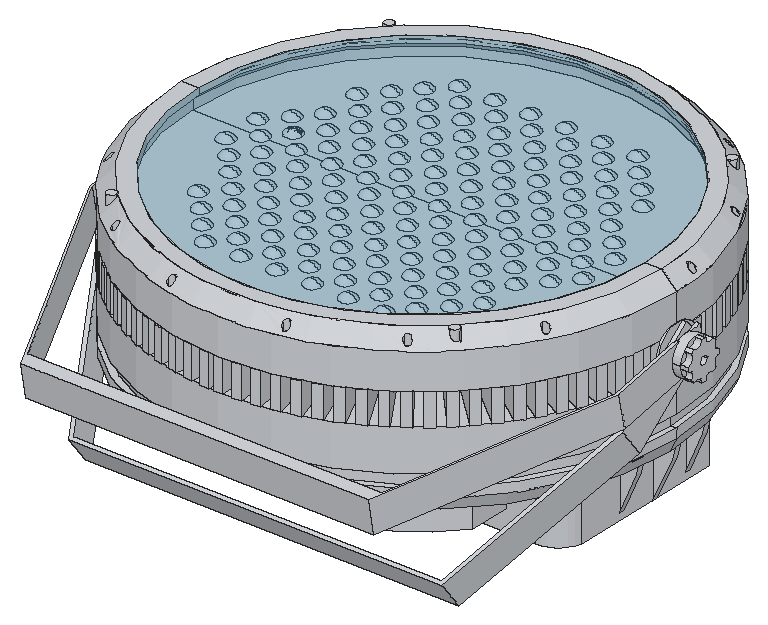
Revit family "WALL WASHER BUILDING_LV2610WW.25", category Luminarias, Revit 2019
Family settings
  Cota de conector redondo = Diámetro de uso
  Tipo de pieza = Normal
  Se basa en plano de trabajo = Sí
  Siempre vertical = No
  Corte con vacíos al cargar = No
  Origen de luz = Sí
  Compartido = No
  Punto de cálculo de habitación = No
Parameters (values of type "REFL_LV2610WW.25")
  Ángulo de inclinación = 10.00°
  Zone [instance] = ""
  Watt per fixture = 270
  Wattage = 270 W
  built-in parameter 1150107 = 3000 (stored number, unit not read)
  built-in parameter 1150110 = 1 (stored number, unit not read)
  built-in parameter 1150109 = 1 (stored number, unit not read)
  built-in parameter 1150112 = 1 (stored number, unit not read)
  built-in parameter 1150113 = 1 (stored number, unit not read)
  built-in parameter 1114218 = 1 (stored number, unit not read)
  Keynote = ""
  built-in parameter 1150137 = (empty or 0)
  built-in parameter 1150132 = (empty or 0)
  Modelo = "LV2610WW.25"
  Lámpara = "CREE"
  Longitud de línea de emisión = 400 mm
  built-in parameter 1150105 = 1376.6 (stored number, unit not read)
  built-in parameter 1150102 = (empty or 0)
  built-in parameter 1150106 = 13.766 (stored number, unit not read)
  Lumens = 17298.9 lm
  Color Filter = 16777215
  built-in parameter 1114217 = 1 (stored number, unit not read)
  built-in parameter 1150139 = (empty or 0)
  Fabricante = "BRILLANT"
  Default Elevation = 0 mm
  built-in parameter 1150104 = 5.9523 (stored number, unit not read)
  Descripción = "LUMINARIA TIPO REFLECTOR DIRIGIBLE, WALL WASHER, CUERPO DE ALUMINIO FUNDIDO A PRESION, 399MM DE DIAMETRO POR 195MM DE PROFUNDO CON UN PESO DE 14.6KG, CUENTA CON 90 LED TIPO CREE CON UN CONSUMO TOTAL DE 270W, 17300 LUMENES, CON UNA TEMPERATURA EN BLANCO CALIDO DE 3000K, IP 66, CABLE H07RN DE 1.5M, APERTURA DE 25 GRADOS POR PROYECTO, ALIMENTADA A 90-277V."
  built-in parameter 1150115 = 1 (stored number, unit not read)
  built-in parameter 1150114 = 1 (stored number, unit not read)
  Comentarios de vataje = "90-277V"
  built-in parameter 1150138 = (empty or 0)
  built-in parameter 1150134 = (empty or 0)
  Circuit [instance] = ""
  Dimming Lamp Color Temperature Shift = 1
  Archivo de red fotométrica = "LV2610QW_FULL_20.IES"
  built-in parameter 1150133 = 10 (stored number, unit not read)
Reference planes
  plane 1 "Centro (Frontal/Posterior)": y = 0
  plane 2: z = 0
  plane 3 "Centro (Izquierda/Derecha)": x = 0
  plane 4: z = 195
Forms (mm)
  Revolve 1, solid
    sketch origin (0, 0, 0) x (1, 0, 0) y (0, 0, 1)
      loop
        line (175.141, 195) -> (175.141, 189.859) -> (180, 185) -> (180, 177.914) -> (0, 177.914) -> (0, 70) -> (194.5, 70) -> (199.5, 80) -> (199.5, 87.5) -> (194.5, 87.5) -> (194.5, 97.5) -> (199.5, 97.5) -> (199.5, 130) -> (154.5, 130) -> (154.5, 155) -> (199.5, 155) -> (199.5, 183.361) -> (187.861, 195) -> (175.141, 195)
      axis (0, 195) -> (0, 70)
    angle from 0 to 360
  Extrusion 2, solid
    sketch origin (0, 0, 0) x (1, 0, 0) y (0, 1, 0)
      loop
        arc (-3.849, -199.358) -> (-0.226, -199.399) -> (3.398, -199.374) r 200
        line (3.398, -199.374) -> (1.83, -154.458)
        arc (1.83, -154.458) -> (-0.226, -154.464) -> (-2.281, -154.446) r 175
        line (-2.281, -154.446) -> (-3.849, -199.358)
    from 130 to 155
  Extrusion 3, solid
    sketch origin (0, 0, 0) x (0.997554, 0.069902, 0) y (-0.069902, 0.997554, 0)
      loop
        arc (-3.849, -199.358) -> (-0.226, -199.399) -> (3.398, -199.374) r 200
        line (3.398, -199.374) -> (1.83, -154.458)
        arc (1.83, -154.458) -> (-0.226, -154.464) -> (-2.281, -154.446) r 175
        line (-2.281, -154.446) -> (-3.849, -199.358)
    from 130 to 155
  Extrusion 4, solid
    sketch origin (0, 0, 0) x (0.990227, 0.139463, 0) y (-0.139463, 0.990227, 0)
      loop
        arc (-3.849, -199.358) -> (-0.226, -199.399) -> (3.398, -199.374) r 200
        line (3.398, -199.374) -> (1.83, -154.458)
        arc (1.83, -154.458) -> (-0.226, -154.464) -> (-2.281, -154.446) r 175
        line (-2.281, -154.446) -> (-3.849, -199.358)
    from 130 to 155
  Extrusion 5, solid
    sketch origin (0, 0, 0) x (0.978056, 0.208341, 0) y (-0.208341, 0.978056, 0)
      loop
        arc (-3.849, -199.358) -> (-0.226, -199.399) -> (3.398, -199.374) r 200
        line (3.398, -199.374) -> (1.83, -154.458)
        arc (1.83, -154.458) -> (-0.226, -154.464) -> (-2.281, -154.446) r 175
        line (-2.281, -154.446) -> (-3.849, -199.358)
    from 130 to 155
  Extrusion 6, solid
    sketch origin (0, 0, 0) x (0.9611, 0.276199, 0) y (-0.276199, 0.9611, 0)
      loop
        arc (-3.849, -199.358) -> (-0.226, -199.399) -> (3.398, -199.374) r 200
        line (3.398, -199.374) -> (1.83, -154.458)
        arc (1.83, -154.458) -> (-0.226, -154.464) -> (-2.281, -154.446) r 175
        line (-2.281, -154.446) -> (-3.849, -199.358)
    from 130 to 155
  Extrusion 7, solid
    sketch origin (0, 0, 0) x (0.939442, 0.342707, 0) y (-0.342707, 0.939442, 0)
      loop
        arc (-3.849, -199.358) -> (-0.226, -199.399) -> (3.398, -199.374) r 200
        line (3.398, -199.374) -> (1.83, -154.458)
        arc (1.83, -154.458) -> (-0.226, -154.464) -> (-2.281, -154.446) r 175
        line (-2.281, -154.446) -> (-3.849, -199.358)
    from 130 to 155
  Extrusion 8, solid
    sketch origin (0, 0, 0) x (0.913188, 0.407538, 0) y (-0.407538, 0.913188, 0)
      loop
        arc (-3.849, -199.358) -> (-0.226, -199.399) -> (3.398, -199.374) r 200
        line (3.398, -199.374) -> (1.83, -154.458)
        arc (1.83, -154.458) -> (-0.226, -154.464) -> (-2.281, -154.446) r 175
        line (-2.281, -154.446) -> (-3.849, -199.358)
    from 130 to 155
  Extrusion 9, solid
    sketch origin (0, 0, 0) x (0.882467, 0.470375, 0) y (-0.470375, 0.882467, 0)
      loop
        arc (-3.849, -199.358) -> (-0.226, -199.399) -> (3.398, -199.374) r 200
        line (3.398, -199.374) -> (1.83, -154.458)
        arc (1.83, -154.458) -> (-0.226, -154.464) -> (-2.281, -154.446) r 175
        line (-2.281, -154.446) -> (-3.849, -199.358)
    from 130 to 155
  Extrusion 10, solid
    sketch origin (0, 0, 0) x (0.847428, 0.53091, 0) y (-0.53091, 0.847428, 0)
      loop
        arc (-3.849, -199.358) -> (-0.226, -199.399) -> (3.398, -199.374) r 200
        line (3.398, -199.374) -> (1.83, -154.458)
        arc (1.83, -154.458) -> (-0.226, -154.464) -> (-2.281, -154.446) r 175
        line (-2.281, -154.446) -> (-3.849, -199.358)
    from 130 to 155
  Extrusion 11, solid
    sketch origin (0, 0, 0) x (0.808243, 0.588849, 0) y (-0.588849, 0.808243, 0)
      loop
        arc (-3.849, -199.358) -> (-0.226, -199.399) -> (3.398, -199.374) r 200
        line (3.398, -199.374) -> (1.83, -154.458)
        arc (1.83, -154.458) -> (-0.226, -154.464) -> (-2.281, -154.446) r 175
        line (-2.281, -154.446) -> (-3.849, -199.358)
    from 130 to 155
  Extrusion 12, solid
    sketch origin (0, 0, 0) x (0.765104, 0.643906, 0) y (-0.643906, 0.765104, 0)
      loop
        arc (-3.849, -199.358) -> (-0.226, -199.399) -> (3.398, -199.374) r 200
        line (3.398, -199.374) -> (1.83, -154.458)
        arc (1.83, -154.458) -> (-0.226, -154.464) -> (-2.281, -154.446) r 175
        line (-2.281, -154.446) -> (-3.849, -199.358)
    from 130 to 155
  Extrusion 13, solid
    sketch origin (0, 0, 0) x (0.718222, 0.695814, 0) y (-0.695814, 0.718222, 0)
      loop
        arc (-3.849, -199.358) -> (-0.226, -199.399) -> (3.398, -199.374) r 200
        line (3.398, -199.374) -> (1.83, -154.458)
        arc (1.83, -154.458) -> (-0.226, -154.464) -> (-2.281, -154.446) r 175
        line (-2.281, -154.446) -> (-3.849, -199.358)
    from 130 to 155
  Extrusion 14, solid
    sketch origin (0, 0, 0) x (0.667826, 0.744317, 0) y (-0.744317, 0.667826, 0)
      loop
        arc (-3.849, -199.358) -> (-0.226, -199.399) -> (3.398, -199.374) r 200
        line (3.398, -199.374) -> (1.83, -154.458)
        arc (1.83, -154.458) -> (-0.226, -154.464) -> (-2.281, -154.446) r 175
        line (-2.281, -154.446) -> (-3.849, -199.358)
    from 130 to 155
  Extrusion 15, solid
    sketch origin (0, 0, 0) x (0.614163, 0.789179, 0) y (-0.789179, 0.614163, 0)
      loop
        arc (-3.849, -199.358) -> (-0.226, -199.399) -> (3.398, -199.374) r 200
        line (3.398, -199.374) -> (1.83, -154.458)
        arc (1.83, -154.458) -> (-0.226, -154.464) -> (-2.281, -154.446) r 175
        line (-2.281, -154.446) -> (-3.849, -199.358)
    from 130 to 155
  Extrusion 16, solid
    sketch origin (0, 0, 0) x (0.557495, 0.83018, 0) y (-0.83018, 0.557495, 0)
      loop
        arc (-3.849, -199.358) -> (-0.226, -199.399) -> (3.398, -199.374) r 200
        line (3.398, -199.374) -> (1.83, -154.458)
        arc (1.83, -154.458) -> (-0.226, -154.464) -> (-2.281, -154.446) r 175
        line (-2.281, -154.446) -> (-3.849, -199.358)
    from 130 to 155
  Extrusion 17, solid
    sketch origin (0, 0, 0) x (0.4981, 0.867119, 0) y (-0.867119, 0.4981, 0)
      loop
        arc (-3.849, -199.358) -> (-0.226, -199.399) -> (3.398, -199.374) r 200
        line (3.398, -199.374) -> (1.83, -154.458)
        arc (1.83, -154.458) -> (-0.226, -154.464) -> (-2.281, -154.446) r 175
        line (-2.281, -154.446) -> (-3.849, -199.358)
    from 130 to 155
  Extrusion 18, solid
    sketch origin (0, 0, 0) x (0.436268, 0.899817, 0) y (-0.899817, 0.436268, 0)
      loop
        arc (-3.849, -199.358) -> (-0.226, -199.399) -> (3.398, -199.374) r 200
        line (3.398, -199.374) -> (1.83, -154.458)
        arc (1.83, -154.458) -> (-0.226, -154.464) -> (-2.281, -154.446) r 175
        line (-2.281, -154.446) -> (-3.849, -199.358)
    from 130 to 155
  Extrusion 19, solid
    sketch origin (0, 0, 0) x (0.372302, 0.928112, 0) y (-0.928112, 0.372302, 0)
      loop
        arc (-3.849, -199.358) -> (-0.226, -199.399) -> (3.398, -199.374) r 200
        line (3.398, -199.374) -> (1.83, -154.458)
        arc (1.83, -154.458) -> (-0.226, -154.464) -> (-2.281, -154.446) r 175
        line (-2.281, -154.446) -> (-3.849, -199.358)
    from 130 to 155
  Extrusion 20, solid
    sketch origin (0, 0, 0) x (0.306514, 0.951866, 0) y (-0.951866, 0.306514, 0)
      loop
        arc (-3.849, -199.358) -> (-0.226, -199.399) -> (3.398, -199.374) r 200
        line (3.398, -199.374) -> (1.83, -154.458)
        arc (1.83, -154.458) -> (-0.226, -154.464) -> (-2.281, -154.446) r 175
        line (-2.281, -154.446) -> (-3.849, -199.358)
    from 130 to 155
  Extrusion 21, solid
    sketch origin (0, 0, 0) x (0.239227, 0.970964, 0) y (-0.970964, 0.239227, 0)
      loop
        arc (-3.849, -199.358) -> (-0.226, -199.399) -> (3.398, -199.374) r 200
        line (3.398, -199.374) -> (1.83, -154.458)
        arc (1.83, -154.458) -> (-0.226, -154.464) -> (-2.281, -154.446) r 175
        line (-2.281, -154.446) -> (-3.849, -199.358)
    from 130 to 155
  Extrusion 22, solid
    sketch origin (0, 0, 0) x (0.170769, 0.985311, 0) y (-0.985311, 0.170769, 0)
      loop
        arc (-3.849, -199.358) -> (-0.226, -199.399) -> (3.398, -199.374) r 200
        line (3.398, -199.374) -> (1.83, -154.458)
        arc (1.83, -154.458) -> (-0.226, -154.464) -> (-2.281, -154.446) r 175
        line (-2.281, -154.446) -> (-3.849, -199.358)
    from 130 to 155
  Extrusion 23, solid
    sketch origin (0, 0, 0) x (0.101476, 0.994838, 0) y (-0.994838, 0.101476, 0)
      loop
        arc (-3.849, -199.358) -> (-0.226, -199.399) -> (3.398, -199.374) r 200
        line (3.398, -199.374) -> (1.83, -154.458)
        arc (1.83, -154.458) -> (-0.226, -154.464) -> (-2.281, -154.446) r 175
        line (-2.281, -154.446) -> (-3.849, -199.358)
    from 130 to 155
  Extrusion 24, solid
    sketch origin (0, 0, 0) x (0.031686, 0.999498, 0) y (-0.999498, 0.031686, 0)
      loop
        arc (-3.849, -199.358) -> (-0.226, -199.399) -> (3.398, -199.374) r 200
        line (3.398, -199.374) -> (1.83, -154.458)
        arc (1.83, -154.458) -> (-0.226, -154.464) -> (-2.281, -154.446) r 175
        line (-2.281, -154.446) -> (-3.849, -199.358)
    from 130 to 155
  Extrusion 25, solid
    sketch origin (0, 0, 0) x (-0.038259, 0.999268, 0) y (-0.999268, -0.038259, 0)
      loop
        arc (-3.849, -199.358) -> (-0.226, -199.399) -> (3.398, -199.374) r 200
        line (3.398, -199.374) -> (1.83, -154.458)
        arc (1.83, -154.458) -> (-0.226, -154.464) -> (-2.281, -154.446) r 175
        line (-2.281, -154.446) -> (-3.849, -199.358)
    from 130 to 155
  Extrusion 26, solid
    sketch origin (0, 0, 0) x (-0.108016, 0.994149, 0) y (-0.994149, -0.108016, 0)
      loop
        arc (-3.849, -199.358) -> (-0.226, -199.399) -> (3.398, -199.374) r 200
        line (3.398, -199.374) -> (1.83, -154.458)
        arc (1.83, -154.458) -> (-0.226, -154.464) -> (-2.281, -154.446) r 175
        line (-2.281, -154.446) -> (-3.849, -199.358)
    from 130 to 155
  Extrusion 27, solid
    sketch origin (0, 0, 0) x (-0.177245, 0.984167, 0) y (-0.984167, -0.177245, 0)
      loop
        arc (-3.849, -199.358) -> (-0.226, -199.399) -> (3.398, -199.374) r 200
        line (3.398, -199.374) -> (1.83, -154.458)
        arc (1.83, -154.458) -> (-0.226, -154.464) -> (-2.281, -154.446) r 175
        line (-2.281, -154.446) -> (-3.849, -199.358)
    from 130 to 155
  Extrusion 28, solid
    sketch origin (0, 0, 0) x (-0.245607, 0.969369, 0) y (-0.969369, -0.245607, 0)
      loop
        arc (-3.849, -199.358) -> (-0.226, -199.399) -> (3.398, -199.374) r 200
        line (3.398, -199.374) -> (1.83, -154.458)
        arc (1.83, -154.458) -> (-0.226, -154.464) -> (-2.281, -154.446) r 175
        line (-2.281, -154.446) -> (-3.849, -199.358)
    from 130 to 155
  Extrusion 29, solid
    sketch origin (0, 0, 0) x (-0.312767, 0.94983, 0) y (-0.94983, -0.312767, 0)
      loop
        arc (-3.849, -199.358) -> (-0.226, -199.399) -> (3.398, -199.374) r 200
        line (3.398, -199.374) -> (1.83, -154.458)
        arc (1.83, -154.458) -> (-0.226, -154.464) -> (-2.281, -154.446) r 175
        line (-2.281, -154.446) -> (-3.849, -199.358)
    from 130 to 155
  Extrusion 30, solid
    sketch origin (0, 0, 0) x (-0.378398, 0.925643, 0) y (-0.925643, -0.378398, 0)
      loop
        arc (-3.849, -199.358) -> (-0.226, -199.399) -> (3.398, -199.374) r 200
        line (3.398, -199.374) -> (1.83, -154.458)
        arc (1.83, -154.458) -> (-0.226, -154.464) -> (-2.281, -154.446) r 175
        line (-2.281, -154.446) -> (-3.849, -199.358)
    from 130 to 155
  Extrusion 31, solid
    sketch origin (0, 0, 0) x (-0.442176, 0.896928, 0) y (-0.896928, -0.442176, 0)
      loop
        arc (-3.849, -199.358) -> (-0.226, -199.399) -> (3.398, -199.374) r 200
        line (3.398, -199.374) -> (1.83, -154.458)
        arc (1.83, -154.458) -> (-0.226, -154.464) -> (-2.281, -154.446) r 175
        line (-2.281, -154.446) -> (-3.849, -199.358)
    from 130 to 155
  Extrusion 32, solid
    sketch origin (0, 0, 0) x (-0.503792, 0.863825, 0) y (-0.863825, -0.503792, 0)
      loop
        arc (-3.849, -199.358) -> (-0.226, -199.399) -> (3.398, -199.374) r 200
        line (3.398, -199.374) -> (1.83, -154.458)
        arc (1.83, -154.458) -> (-0.226, -154.464) -> (-2.281, -154.446) r 175
        line (-2.281, -154.446) -> (-3.849, -199.358)
    from 130 to 155
  Extrusion 33, solid
    sketch origin (0, 0, 0) x (-0.562943, 0.826496, 0) y (-0.826496, -0.562943, 0)
      loop
        arc (-3.849, -199.358) -> (-0.226, -199.399) -> (3.398, -199.374) r 200
        line (3.398, -199.374) -> (1.83, -154.458)
        arc (1.83, -154.458) -> (-0.226, -154.464) -> (-2.281, -154.446) r 175
        line (-2.281, -154.446) -> (-3.849, -199.358)
    from 130 to 155
  Extrusion 34, solid
    sketch origin (0, 0, 0) x (-0.61934, 0.785123, 0) y (-0.785123, -0.61934, 0)
      loop
        arc (-3.849, -199.358) -> (-0.226, -199.399) -> (3.398, -199.374) r 200
        line (3.398, -199.374) -> (1.83, -154.458)
        arc (1.83, -154.458) -> (-0.226, -154.464) -> (-2.281, -154.446) r 175
        line (-2.281, -154.446) -> (-3.849, -199.358)
    from 130 to 155
  Extrusion 35, solid
    sketch origin (0, 0, 0) x (-0.672707, 0.739909, 0) y (-0.739909, -0.672707, 0)
      loop
        arc (-3.849, -199.358) -> (-0.226, -199.399) -> (3.398, -199.374) r 200
        line (3.398, -199.374) -> (1.83, -154.458)
        arc (1.83, -154.458) -> (-0.226, -154.464) -> (-2.281, -154.446) r 175
        line (-2.281, -154.446) -> (-3.849, -199.358)
    from 130 to 155
  Extrusion 36, solid
    sketch origin (0, 0, 0) x (-0.722783, 0.691075, 0) y (-0.691075, -0.722783, 0)
      loop
        arc (-3.849, -199.358) -> (-0.226, -199.399) -> (3.398, -199.374) r 200
        line (3.398, -199.374) -> (1.83, -154.458)
        arc (1.83, -154.458) -> (-0.226, -154.464) -> (-2.281, -154.446) r 175
        line (-2.281, -154.446) -> (-3.849, -199.358)
    from 130 to 155
  Extrusion 37, solid
    sketch origin (0, 0, 0) x (-0.769322, 0.638861, 0) y (-0.638861, -0.769322, 0)
      loop
        arc (-3.849, -199.358) -> (-0.226, -199.399) -> (3.398, -199.374) r 200
        line (3.398, -199.374) -> (1.83, -154.458)
        arc (1.83, -154.458) -> (-0.226, -154.464) -> (-2.281, -154.446) r 175
        line (-2.281, -154.446) -> (-3.849, -199.358)
    from 130 to 155
  Extrusion 38, solid
    sketch origin (0, 0, 0) x (-0.812098, 0.583521, 0) y (-0.583521, -0.812098, 0)
      loop
        arc (-3.849, -199.358) -> (-0.226, -199.399) -> (3.398, -199.374) r 200
        line (3.398, -199.374) -> (1.83, -154.458)
        arc (1.83, -154.458) -> (-0.226, -154.464) -> (-2.281, -154.446) r 175
        line (-2.281, -154.446) -> (-3.849, -199.358)
    from 130 to 155
  Extrusion 39, solid
    sketch origin (0, 0, 0) x (-0.850901, 0.525326, 0) y (-0.525326, -0.850901, 0)
      loop
        arc (-3.849, -199.358) -> (-0.226, -199.399) -> (3.398, -199.374) r 200
        line (3.398, -199.374) -> (1.83, -154.458)
        arc (1.83, -154.458) -> (-0.226, -154.464) -> (-2.281, -154.446) r 175
        line (-2.281, -154.446) -> (-3.849, -199.358)
    from 130 to 155
  Extrusion 40, solid
    sketch origin (0, 0, 0) x (-0.885541, 0.464561, 0) y (-0.464561, -0.885541, 0)
      loop
        arc (-3.849, -199.358) -> (-0.226, -199.399) -> (3.398, -199.374) r 200
        line (3.398, -199.374) -> (1.83, -154.458)
        arc (1.83, -154.458) -> (-0.226, -154.464) -> (-2.281, -154.446) r 175
        line (-2.281, -154.446) -> (-3.849, -199.358)
    from 130 to 155
  Extrusion 41, solid
    sketch origin (0, 0, 0) x (-0.915849, 0.401523, 0) y (-0.401523, -0.915849, 0)
      loop
        arc (-3.849, -199.358) -> (-0.226, -199.399) -> (3.398, -199.374) r 200
        line (3.398, -199.374) -> (1.83, -154.458)
        arc (1.83, -154.458) -> (-0.226, -154.464) -> (-2.281, -154.446) r 175
        line (-2.281, -154.446) -> (-3.849, -199.358)
    from 130 to 155
  Extrusion 42, solid
    sketch origin (0, 0, 0) x (-0.941676, 0.336521, 0) y (-0.336521, -0.941676, 0)
      loop
        arc (-3.849, -199.358) -> (-0.226, -199.399) -> (3.398, -199.374) r 200
        line (3.398, -199.374) -> (1.83, -154.458)
        arc (1.83, -154.458) -> (-0.226, -154.464) -> (-2.281, -154.446) r 175
        line (-2.281, -154.446) -> (-3.849, -199.358)
    from 130 to 155
  Extrusion 43, solid
    sketch origin (0, 0, 0) x (-0.962896, 0.269873, 0) y (-0.269873, -0.962896, 0)
      loop
        arc (-3.849, -199.358) -> (-0.226, -199.399) -> (3.398, -199.374) r 200
        line (3.398, -199.374) -> (1.83, -154.458)
        arc (1.83, -154.458) -> (-0.226, -154.464) -> (-2.281, -154.446) r 175
        line (-2.281, -154.446) -> (-3.849, -199.358)
    from 130 to 155
  Extrusion 44, solid
    sketch origin (0, 0, 0) x (-0.979405, 0.201904, 0) y (-0.201904, -0.979405, 0)
      loop
        arc (-3.849, -199.358) -> (-0.226, -199.399) -> (3.398, -199.374) r 200
        line (3.398, -199.374) -> (1.83, -154.458)
        arc (1.83, -154.458) -> (-0.226, -154.464) -> (-2.281, -154.446) r 175
        line (-2.281, -154.446) -> (-3.849, -199.358)
    from 130 to 155
  Extrusion 45, solid
    sketch origin (0, 0, 0) x (-0.991123, 0.132947, 0) y (-0.132947, -0.991123, 0)
      loop
        arc (-3.849, -199.358) -> (-0.226, -199.399) -> (3.398, -199.374) r 200
        line (3.398, -199.374) -> (1.83, -154.458)
        arc (1.83, -154.458) -> (-0.226, -154.464) -> (-2.281, -154.446) r 175
        line (-2.281, -154.446) -> (-3.849, -199.358)
    from 130 to 155
  Extrusion 46, solid
    sketch origin (0, 0, 0) x (-0.997992, 0.06334, 0) y (-0.06334, -0.997992, 0)
      loop
        arc (-3.849, -199.358) -> (-0.226, -199.399) -> (3.398, -199.374) r 200
        line (3.398, -199.374) -> (1.83, -154.458)
        arc (1.83, -154.458) -> (-0.226, -154.464) -> (-2.281, -154.446) r 175
        line (-2.281, -154.446) -> (-3.849, -199.358)
    from 130 to 155
  Extrusion 47, solid
    sketch origin (0, 0, 0) x (-0.999978, -0.006576, 0) y (0.006576, -0.999978, 0)
      loop
        arc (-3.849, -199.358) -> (-0.226, -199.399) -> (3.398, -199.374) r 200
        line (3.398, -199.374) -> (1.83, -154.458)
        arc (1.83, -154.458) -> (-0.226, -154.464) -> (-2.281, -154.446) r 175
        line (-2.281, -154.446) -> (-3.849, -199.358)
    from 130 to 155
  Extrusion 48, solid
    sketch origin (0, 0, 0) x (-0.997073, -0.076461, 0) y (0.076461, -0.997073, 0)
      loop
        arc (-3.849, -199.358) -> (-0.226, -199.399) -> (3.398, -199.374) r 200
        line (3.398, -199.374) -> (1.83, -154.458)
        arc (1.83, -154.458) -> (-0.226, -154.464) -> (-2.281, -154.446) r 175
        line (-2.281, -154.446) -> (-3.849, -199.358)
    from 130 to 155
  Extrusion 49, solid
    sketch origin (0, 0, 0) x (-0.989289, -0.145972, 0) y (0.145972, -0.989289, 0)
      loop
        arc (-3.849, -199.358) -> (-0.226, -199.399) -> (3.398, -199.374) r 200
        line (3.398, -199.374) -> (1.83, -154.458)
        arc (1.83, -154.458) -> (-0.226, -154.464) -> (-2.281, -154.446) r 175
        line (-2.281, -154.446) -> (-3.849, -199.358)
    from 130 to 155
  Extrusion 50, solid
    sketch origin (0, 0, 0) x (-0.976665, -0.214768, 0) y (0.214768, -0.976665, 0)
      loop
        arc (-3.849, -199.358) -> (-0.226, -199.399) -> (3.398, -199.374) r 200
        line (3.398, -199.374) -> (1.83, -154.458)
        arc (1.83, -154.458) -> (-0.226, -154.464) -> (-2.281, -154.446) r 175
        line (-2.281, -154.446) -> (-3.849, -199.358)
    from 130 to 155
  Extrusion 51, solid
    sketch origin (0, 0, 0) x (-0.959263, -0.282514, 0) y (0.282514, -0.959263, 0)
      loop
        arc (-3.849, -199.358) -> (-0.226, -199.399) -> (3.398, -199.374) r 200
        line (3.398, -199.374) -> (1.83, -154.458)
        arc (1.83, -154.458) -> (-0.226, -154.464) -> (-2.281, -154.446) r 175
        line (-2.281, -154.446) -> (-3.849, -199.358)
    from 130 to 155
  Extrusion 52, solid
    sketch origin (0, 0, 0) x (-0.937168, -0.348878, 0) y (0.348878, -0.937168, 0)
      loop
        arc (-3.849, -199.358) -> (-0.226, -199.399) -> (3.398, -199.374) r 200
        line (3.398, -199.374) -> (1.83, -154.458)
        arc (1.83, -154.458) -> (-0.226, -154.464) -> (-2.281, -154.446) r 175
        line (-2.281, -154.446) -> (-3.849, -199.358)
    from 130 to 155
  Extrusion 53, solid
    sketch origin (0, 0, 0) x (-0.910489, -0.413534, 0) y (0.413534, -0.910489, 0)
      loop
        arc (-3.849, -199.358) -> (-0.226, -199.399) -> (3.398, -199.374) r 200
        line (3.398, -199.374) -> (1.83, -154.458)
        arc (1.83, -154.458) -> (-0.226, -154.464) -> (-2.281, -154.446) r 175
        line (-2.281, -154.446) -> (-3.849, -199.358)
    from 130 to 155
  Extrusion 54, solid
    sketch origin (0, 0, 0) x (-0.879354, -0.476168, 0) y (0.476168, -0.879354, 0)
      loop
        arc (-3.849, -199.358) -> (-0.226, -199.399) -> (3.398, -199.374) r 200
        line (3.398, -199.374) -> (1.83, -154.458)
        arc (1.83, -154.458) -> (-0.226, -154.464) -> (-2.281, -154.446) r 175
        line (-2.281, -154.446) -> (-3.849, -199.358)
    from 130 to 155
  Extrusion 55, solid
    sketch origin (0, 0, 0) x (-0.843918, -0.536472, 0) y (0.536472, -0.843918, 0)
      loop
        arc (-3.849, -199.358) -> (-0.226, -199.399) -> (3.398, -199.374) r 200
        line (3.398, -199.374) -> (1.83, -154.458)
        arc (1.83, -154.458) -> (-0.226, -154.464) -> (-2.281, -154.446) r 175
        line (-2.281, -154.446) -> (-3.849, -199.358)
    from 130 to 155
  Extrusion 56, solid
    sketch origin (0, 0, 0) x (-0.804353, -0.594152, 0) y (0.594152, -0.804353, 0)
      loop
        arc (-3.849, -199.358) -> (-0.226, -199.399) -> (3.398, -199.374) r 200
        line (3.398, -199.374) -> (1.83, -154.458)
        arc (1.83, -154.458) -> (-0.226, -154.464) -> (-2.281, -154.446) r 175
        line (-2.281, -154.446) -> (-3.849, -199.358)
    from 130 to 155
  Extrusion 57, solid
    sketch origin (0, 0, 0) x (-0.760853, -0.648924, 0) y (0.648924, -0.760853, 0)
      loop
        arc (-3.849, -199.358) -> (-0.226, -199.399) -> (3.398, -199.374) r 200
        line (3.398, -199.374) -> (1.83, -154.458)
        arc (1.83, -154.458) -> (-0.226, -154.464) -> (-2.281, -154.446) r 175
        line (-2.281, -154.446) -> (-3.849, -199.358)
    from 130 to 155
  Extrusion 58, solid
    sketch origin (0, 0, 0) x (-0.713631, -0.700522, 0) y (0.700522, -0.713631, 0)
      loop
        arc (-3.849, -199.358) -> (-0.226, -199.399) -> (3.398, -199.374) r 200
        line (3.398, -199.374) -> (1.83, -154.458)
        arc (1.83, -154.458) -> (-0.226, -154.464) -> (-2.281, -154.446) r 175
        line (-2.281, -154.446) -> (-3.849, -199.358)
    from 130 to 155
  Extrusion 59, solid
    sketch origin (0, 0, 0) x (-0.662917, -0.748693, 0) y (0.748693, -0.662917, 0)
      loop
        arc (-3.849, -199.358) -> (-0.226, -199.399) -> (3.398, -199.374) r 200
        line (3.398, -199.374) -> (1.83, -154.458)
        arc (1.83, -154.458) -> (-0.226, -154.464) -> (-2.281, -154.446) r 175
        line (-2.281, -154.446) -> (-3.849, -199.358)
    from 130 to 155
  Extrusion 60, solid
    sketch origin (0, 0, 0) x (-0.60896, -0.793201, 0) y (0.793201, -0.60896, 0)
      loop
        arc (-3.849, -199.358) -> (-0.226, -199.399) -> (3.398, -199.374) r 200
        line (3.398, -199.374) -> (1.83, -154.458)
        arc (1.83, -154.458) -> (-0.226, -154.464) -> (-2.281, -154.446) r 175
        line (-2.281, -154.446) -> (-3.849, -199.358)
    from 130 to 155
  Extrusion 61, solid
    sketch origin (0, 0, 0) x (-0.552024, -0.833828, 0) y (0.833828, -0.552024, 0)
      loop
        arc (-3.849, -199.358) -> (-0.226, -199.399) -> (3.398, -199.374) r 200
        line (3.398, -199.374) -> (1.83, -154.458)
        arc (1.83, -154.458) -> (-0.226, -154.464) -> (-2.281, -154.446) r 175
        line (-2.281, -154.446) -> (-3.849, -199.358)
    from 130 to 155
  Extrusion 62, solid
    sketch origin (0, 0, 0) x (-0.492387, -0.870376, 0) y (0.870376, -0.492387, 0)
      loop
        arc (-3.849, -199.358) -> (-0.226, -199.399) -> (3.398, -199.374) r 200
        line (3.398, -199.374) -> (1.83, -154.458)
        arc (1.83, -154.458) -> (-0.226, -154.464) -> (-2.281, -154.446) r 175
        line (-2.281, -154.446) -> (-3.849, -199.358)
    from 130 to 155
  Extrusion 63, solid
    sketch origin (0, 0, 0) x (-0.430341, -0.902666, 0) y (0.902666, -0.430341, 0)
      loop
        arc (-3.849, -199.358) -> (-0.226, -199.399) -> (3.398, -199.374) r 200
        line (3.398, -199.374) -> (1.83, -154.458)
        arc (1.83, -154.458) -> (-0.226, -154.464) -> (-2.281, -154.446) r 175
        line (-2.281, -154.446) -> (-3.849, -199.358)
    from 130 to 155
  Extrusion 64, solid
    sketch origin (0, 0, 0) x (-0.36619, -0.93054, 0) y (0.93054, -0.36619, 0)
      loop
        arc (-3.849, -199.358) -> (-0.226, -199.399) -> (3.398, -199.374) r 200
        line (3.398, -199.374) -> (1.83, -154.458)
        arc (1.83, -154.458) -> (-0.226, -154.464) -> (-2.281, -154.446) r 175
        line (-2.281, -154.446) -> (-3.849, -199.358)
    from 130 to 155
  Extrusion 65, solid
    sketch origin (0, 0, 0) x (-0.300247, -0.953861, 0) y (0.953861, -0.300247, 0)
      loop
        arc (-3.849, -199.358) -> (-0.226, -199.399) -> (3.398, -199.374) r 200
        line (3.398, -199.374) -> (1.83, -154.458)
        arc (1.83, -154.458) -> (-0.226, -154.464) -> (-2.281, -154.446) r 175
        line (-2.281, -154.446) -> (-3.849, -199.358)
    from 130 to 155
  Extrusion 66, solid
    sketch origin (0, 0, 0) x (-0.232836, -0.972516, 0) y (0.972516, -0.232836, 0)
      loop
        arc (-3.849, -199.358) -> (-0.226, -199.399) -> (3.398, -199.374) r 200
        line (3.398, -199.374) -> (1.83, -154.458)
        arc (1.83, -154.458) -> (-0.226, -154.464) -> (-2.281, -154.446) r 175
        line (-2.281, -154.446) -> (-3.849, -199.358)
    from 130 to 155
  Extrusion 67, solid
    sketch origin (0, 0, 0) x (-0.164285, -0.986413, 0) y (0.986413, -0.164285, 0)
      loop
        arc (-3.849, -199.358) -> (-0.226, -199.399) -> (3.398, -199.374) r 200
        line (3.398, -199.374) -> (1.83, -154.458)
        arc (1.83, -154.458) -> (-0.226, -154.464) -> (-2.281, -154.446) r 175
        line (-2.281, -154.446) -> (-3.849, -199.358)
    from 130 to 155
  Extrusion 68, solid
    sketch origin (0, 0, 0) x (-0.094931, -0.995484, 0) y (0.995484, -0.094931, 0)
      loop
        arc (-3.849, -199.358) -> (-0.226, -199.399) -> (3.398, -199.374) r 200
        line (3.398, -199.374) -> (1.83, -154.458)
        arc (1.83, -154.458) -> (-0.226, -154.464) -> (-2.281, -154.446) r 175
        line (-2.281, -154.446) -> (-3.849, -199.358)
    from 130 to 155
  Extrusion 69, solid
    sketch origin (0, 0, 0) x (-0.025112, -0.999685, 0) y (0.999685, -0.025112, 0)
      loop
        arc (-3.849, -199.358) -> (-0.226, -199.399) -> (3.398, -199.374) r 200
        line (3.398, -199.374) -> (1.83, -154.458)
        arc (1.83, -154.458) -> (-0.226, -154.464) -> (-2.281, -154.446) r 175
        line (-2.281, -154.446) -> (-3.849, -199.358)
    from 130 to 155
  Extrusion 70, solid
    sketch origin (0, 0, 0) x (0.044829, -0.998995, 0) y (0.998995, 0.044829, 0)
      loop
        arc (-3.849, -199.358) -> (-0.226, -199.399) -> (3.398, -199.374) r 200
        line (3.398, -199.374) -> (1.83, -154.458)
        arc (1.83, -154.458) -> (-0.226, -154.464) -> (-2.281, -154.446) r 175
        line (-2.281, -154.446) -> (-3.849, -199.358)
    from 130 to 155
  Extrusion 71, solid
    sketch origin (0, 0, 0) x (0.114552, -0.993417, 0) y (0.993417, 0.114552, 0)
      loop
        arc (-3.849, -199.358) -> (-0.226, -199.399) -> (3.398, -199.374) r 200
        line (3.398, -199.374) -> (1.83, -154.458)
        arc (1.83, -154.458) -> (-0.226, -154.464) -> (-2.281, -154.446) r 175
        line (-2.281, -154.446) -> (-3.849, -199.358)
    from 130 to 155
  Extrusion 72, solid
    sketch origin (0, 0, 0) x (0.183714, -0.98298, 0) y (0.98298, 0.183714, 0)
      loop
        arc (-3.849, -199.358) -> (-0.226, -199.399) -> (3.398, -199.374) r 200
        line (3.398, -199.374) -> (1.83, -154.458)
        arc (1.83, -154.458) -> (-0.226, -154.464) -> (-2.281, -154.446) r 175
        line (-2.281, -154.446) -> (-3.849, -199.358)
    from 130 to 155
  Extrusion 73, solid
    sketch origin (0, 0, 0) x (0.251977, -0.967733, 0) y (0.967733, 0.251977, 0)
      loop
        arc (-3.849, -199.358) -> (-0.226, -199.399) -> (3.398, -199.374) r 200
        line (3.398, -199.374) -> (1.83, -154.458)
        arc (1.83, -154.458) -> (-0.226, -154.464) -> (-2.281, -154.446) r 175
        line (-2.281, -154.446) -> (-3.849, -199.358)
    from 130 to 155
  Extrusion 74, solid
    sketch origin (0, 0, 0) x (0.319007, -0.947752, 0) y (0.947752, 0.319007, 0)
      loop
        arc (-3.849, -199.358) -> (-0.226, -199.399) -> (3.398, -199.374) r 200
        line (3.398, -199.374) -> (1.83, -154.458)
        arc (1.83, -154.458) -> (-0.226, -154.464) -> (-2.281, -154.446) r 175
        line (-2.281, -154.446) -> (-3.849, -199.358)
    from 130 to 155
  Extrusion 75, solid
    sketch origin (0, 0, 0) x (0.384477, -0.923135, 0) y (0.923135, 0.384477, 0)
      loop
        arc (-3.849, -199.358) -> (-0.226, -199.399) -> (3.398, -199.374) r 200
        line (3.398, -199.374) -> (1.83, -154.458)
        arc (1.83, -154.458) -> (-0.226, -154.464) -> (-2.281, -154.446) r 175
        line (-2.281, -154.446) -> (-3.849, -199.358)
    from 130 to 155
  Extrusion 76, solid
    sketch origin (0, 0, 0) x (0.448066, -0.894001, 0) y (0.894001, 0.448066, 0)
      loop
        arc (-3.849, -199.358) -> (-0.226, -199.399) -> (3.398, -199.374) r 200
        line (3.398, -199.374) -> (1.83, -154.458)
        arc (1.83, -154.458) -> (-0.226, -154.464) -> (-2.281, -154.446) r 175
        line (-2.281, -154.446) -> (-3.849, -199.358)
    from 130 to 155
  Extrusion 77, solid
    sketch origin (0, 0, 0) x (0.509462, -0.860493, 0) y (0.860493, 0.509462, 0)
      loop
        arc (-3.849, -199.358) -> (-0.226, -199.399) -> (3.398, -199.374) r 200
        line (3.398, -199.374) -> (1.83, -154.458)
        arc (1.83, -154.458) -> (-0.226, -154.464) -> (-2.281, -154.446) r 175
        line (-2.281, -154.446) -> (-3.849, -199.358)
    from 130 to 155
  Extrusion 78, solid
    sketch origin (0, 0, 0) x (0.568366, -0.822776, 0) y (0.822776, 0.568366, 0)
      loop
        arc (-3.849, -199.358) -> (-0.226, -199.399) -> (3.398, -199.374) r 200
        line (3.398, -199.374) -> (1.83, -154.458)
        arc (1.83, -154.458) -> (-0.226, -154.464) -> (-2.281, -154.446) r 175
        line (-2.281, -154.446) -> (-3.849, -199.358)
    from 130 to 155
  Extrusion 79, solid
    sketch origin (0, 0, 0) x (0.62449, -0.781033, 0) y (0.781033, 0.62449, 0)
      loop
        arc (-3.849, -199.358) -> (-0.226, -199.399) -> (3.398, -199.374) r 200
        line (3.398, -199.374) -> (1.83, -154.458)
        arc (1.83, -154.458) -> (-0.226, -154.464) -> (-2.281, -154.446) r 175
        line (-2.281, -154.446) -> (-3.849, -199.358)
    from 130 to 155
  Extrusion 80, solid
    sketch origin (0, 0, 0) x (0.677558, -0.735469, 0) y (0.735469, 0.677558, 0)
      loop
        arc (-3.849, -199.358) -> (-0.226, -199.399) -> (3.398, -199.374) r 200
        line (3.398, -199.374) -> (1.83, -154.458)
        arc (1.83, -154.458) -> (-0.226, -154.464) -> (-2.281, -154.446) r 175
        line (-2.281, -154.446) -> (-3.849, -199.358)
    from 130 to 155
  Extrusion 81, solid
    sketch origin (0, 0, 0) x (0.727312, -0.686307, 0) y (0.686307, 0.727312, 0)
      loop
        arc (-3.849, -199.358) -> (-0.226, -199.399) -> (3.398, -199.374) r 200
        line (3.398, -199.374) -> (1.83, -154.458)
        arc (1.83, -154.458) -> (-0.226, -154.464) -> (-2.281, -154.446) r 175
        line (-2.281, -154.446) -> (-3.849, -199.358)
    from 130 to 155
  Extrusion 82, solid
    sketch origin (0, 0, 0) x (0.773507, -0.633788, 0) y (0.633788, 0.773507, 0)
      loop
        arc (-3.849, -199.358) -> (-0.226, -199.399) -> (3.398, -199.374) r 200
        line (3.398, -199.374) -> (1.83, -154.458)
        arc (1.83, -154.458) -> (-0.226, -154.464) -> (-2.281, -154.446) r 175
        line (-2.281, -154.446) -> (-3.849, -199.358)
    from 130 to 155
  Extrusion 83, solid
    sketch origin (0, 0, 0) x (0.815918, -0.578167, 0) y (0.578167, 0.815918, 0)
      loop
        arc (-3.849, -199.358) -> (-0.226, -199.399) -> (3.398, -199.374) r 200
        line (3.398, -199.374) -> (1.83, -154.458)
        arc (1.83, -154.458) -> (-0.226, -154.464) -> (-2.281, -154.446) r 175
        line (-2.281, -154.446) -> (-3.849, -199.358)
    from 130 to 155
  Extrusion 84, solid
    sketch origin (0, 0, 0) x (0.854338, -0.519719, 0) y (0.519719, 0.854338, 0)
      loop
        arc (-3.849, -199.358) -> (-0.226, -199.399) -> (3.398, -199.374) r 200
        line (3.398, -199.374) -> (1.83, -154.458)
        arc (1.83, -154.458) -> (-0.226, -154.464) -> (-2.281, -154.446) r 175
        line (-2.281, -154.446) -> (-3.849, -199.358)
    from 130 to 155
  Extrusion 85, solid
    sketch origin (0, 0, 0) x (0.888577, -0.458727, 0) y (0.458727, 0.888577, 0)
      loop
        arc (-3.849, -199.358) -> (-0.226, -199.399) -> (3.398, -199.374) r 200
        line (3.398, -199.374) -> (1.83, -154.458)
        arc (1.83, -154.458) -> (-0.226, -154.464) -> (-2.281, -154.446) r 175
        line (-2.281, -154.446) -> (-3.849, -199.358)
    from 130 to 155
  Extrusion 86, solid
    sketch origin (0, 0, 0) x (0.91847, -0.395491, 0) y (0.395491, 0.91847, 0)
      loop
        arc (-3.849, -199.358) -> (-0.226, -199.399) -> (3.398, -199.374) r 200
        line (3.398, -199.374) -> (1.83, -154.458)
        arc (1.83, -154.458) -> (-0.226, -154.464) -> (-2.281, -154.446) r 175
        line (-2.281, -154.446) -> (-3.849, -199.358)
    from 130 to 155
  Extrusion 87, solid
    sketch origin (0, 0, 0) x (0.943869, -0.330321, 0) y (0.330321, 0.943869, 0)
      loop
        arc (-3.849, -199.358) -> (-0.226, -199.399) -> (3.398, -199.374) r 200
        line (3.398, -199.374) -> (1.83, -154.458)
        arc (1.83, -154.458) -> (-0.226, -154.464) -> (-2.281, -154.446) r 175
        line (-2.281, -154.446) -> (-3.849, -199.358)
    from 130 to 155
  Extrusion 88, solid
    sketch origin (0, 0, 0) x (0.96465, -0.263534, 0) y (0.263534, 0.96465, 0)
      loop
        arc (-3.849, -199.358) -> (-0.226, -199.399) -> (3.398, -199.374) r 200
        line (3.398, -199.374) -> (1.83, -154.458)
        arc (1.83, -154.458) -> (-0.226, -154.464) -> (-2.281, -154.446) r 175
        line (-2.281, -154.446) -> (-3.849, -199.358)
    from 130 to 155
  Extrusion 89, solid
    sketch origin (0, 0, 0) x (0.980712, -0.195458, 0) y (0.195458, 0.980712, 0)
      loop
        arc (-3.849, -199.358) -> (-0.226, -199.399) -> (3.398, -199.374) r 200
        line (3.398, -199.374) -> (1.83, -154.458)
        arc (1.83, -154.458) -> (-0.226, -154.464) -> (-2.281, -154.446) r 175
        line (-2.281, -154.446) -> (-3.849, -199.358)
    from 130 to 155
  Extrusion 90, solid
    sketch origin (0, 0, 0) x (0.991976, -0.126426, 0) y (0.126426, 0.991976, 0)
      loop
        arc (-3.849, -199.358) -> (-0.226, -199.399) -> (3.398, -199.374) r 200
        line (3.398, -199.374) -> (1.83, -154.458)
        arc (1.83, -154.458) -> (-0.226, -154.464) -> (-2.281, -154.446) r 175
        line (-2.281, -154.446) -> (-3.849, -199.358)
    from 130 to 155
  Extrusion 91, solid
    sketch origin (0, 0, 0) x (0.998387, -0.056776, 0) y (0.056776, 0.998387, 0)
      loop
        arc (-3.849, -199.358) -> (-0.226, -199.399) -> (3.398, -199.374) r 200
        line (3.398, -199.374) -> (1.83, -154.458)
        arc (1.83, -154.458) -> (-0.226, -154.464) -> (-2.281, -154.446) r 175
        line (-2.281, -154.446) -> (-3.849, -199.358)
    from 130 to 155
  Extrusion 92, solid, material "Cristal"
    sketch origin (0, 0, 0) x (1, 0, 0) y (0, 1, 0)
      loop
        circle (0, 0) r 175.141
    from 192.382 to 195
  Extrusion 93, solid
    sketch origin (0, 0, 0) x (1, 0, 0) y (0, 1, 0)
      loop
        arc (-43.337, 170) -> (-101.486, 142.221) -> (-146.826, 96.425) r 187.861
        line (-146.826, 96.425) -> (-146.826, -27.582)
        arc (-146.826, -27.582) -> (-138.977, -40.143) -> (-125, -45.046) r 22.371
        line (-125, -45.046) -> (125, -45.046)
        arc (125, -45.046) -> (138.977, -40.143) -> (146.826, -27.582) r 22.371
        line (146.826, -27.582) -> (146.826, 97.172)
        arc (146.826, 97.172) -> (102.476, 142.216) -> (45.696, 170) r 187.861
        line (45.696, 170) -> (-43.337, 170)
    from 0 to 70
  Extrusion 94, solid
    sketch origin (0, 0, 0) x (1, 0, 0) y (0, 1, 0)
      loop
        arc (-101.288, -77.223) -> (-74.722, -102.268) -> (-42.368, -119.184) r 133.573
        line (-42.368, -119.184) -> (42.368, -119.184)
        arc (42.368, -119.184) -> (74.722, -102.268) -> (101.288, -77.223) r 133.573
        line (101.288, -77.223) -> (101.288, -45.046) -> (-101.288, -45.046) -> (-101.288, -77.223)
    from 16.168 to 70
  Extrusion 95, solid
    sketch origin (0, 0, 0) x (0, 1, 0) y (0, 0, 1)
      loop
        line (194.583, 70) -> (170, 70) -> (170, -0.142)
        arc (170, -0.142) -> (185.724, 33.726) -> (194.583, 70) r 191.691
    from -1.679 to 1.763
  Extrusion 96, solid
    sketch origin (0, 0, 0) x (0, 1, 0) y (0, 0, 1)
      loop
        line (191.399, 70) -> (170, 70) -> (170, 5.481)
        arc (170, 5.481) -> (183.582, 36.784) -> (191.399, 70) r 191.691
    from 30.412 to 34.289
  Extrusion 97, solid
    sketch origin (0, 0, 0) x (0, 1, 0) y (0, 0, -1)
      loop
        arc (191.332, -70) -> (183.537, -36.851) -> (170, -5.603) r 191.691
        line (170, -5.603) -> (170, -70) -> (191.332, -70)
    from 30.412 to 34.289
  Extrusion 98, solid
    sketch origin (23.958, 20.898, 0) x (-0.526901, 0.849927, 0) y (0, 0, -1)
      loop
        arc (189.226, -70) -> (182.127, -38.995) -> (170, -9.591) r 191.691
        line (170, -9.591) -> (170, -70) -> (189.226, -70)
    from 30.412 to 34.289
  Extrusion 99, solid
    sketch origin (20.04, 24.68, 0) x (-0.664209, 0.747547, 0) y (0, 0, -1)
      loop
        arc (189.226, -70) -> (182.127, -38.995) -> (170, -9.591) r 191.691
        line (170, -9.591) -> (170, -70) -> (189.226, -70)
    from 30.412 to 34.289
  Extrusion 100, solid
    sketch origin (-23.958, 20.898, 0) x (0.526901, 0.849927, 0) y (0, 0, 1)
      loop
        line (189.226, 70) -> (170, 70) -> (170, 9.591)
        arc (170, 9.591) -> (182.127, 38.995) -> (189.226, 70) r 191.691
    from 30.412 to 34.289
  Extrusion 101, solid
    sketch origin (-20.04, 24.68, 0) x (0.664209, 0.747547, 0) y (0, 0, 1)
      loop
        line (189.226, 70) -> (170, 70) -> (170, 9.591)
        arc (170, 9.591) -> (182.127, 38.995) -> (189.226, 70) r 191.691
    from 30.412 to 34.289
  Extrusion 102, solid
    sketch origin (-23.174, 44.064, 0) x (1, 0, 0) y (0, 0, 1)
      loop
        line (194.583, 70) -> (170, 70) -> (170, -0.142)
        arc (170, -0.142) -> (185.724, 33.726) -> (194.583, 70) r 191.691
    from -1.679 to 1.763
  Extrusion 103, solid
    sketch origin (-23.174, 44.064, 0) x (1, 0, 0) y (0, 0, 1)
      loop
        line (191.399, 70) -> (170, 70) -> (170, 5.481)
        arc (170, 5.481) -> (183.582, 36.784) -> (191.399, 70) r 191.691
    from 30.412 to 34.289
  Extrusion 104, solid
    sketch origin (-23.174, 44.064, 0) x (1, 0, 0) y (0, 0, -1)
      loop
        arc (191.332, -70) -> (183.537, -36.851) -> (170, -5.603) r 191.691
        line (170, -5.603) -> (170, -70) -> (191.332, -70)
    from 30.412 to 34.289
  Extrusion 105, solid
    sketch origin (23.174, 44.064, 0) x (-1, 0, 0) y (0, 0, -1)
      loop
        arc (194.583, -70) -> (185.724, -33.726) -> (170, 0.142) r 191.691
        line (170, 0.142) -> (170, -70) -> (194.583, -70)
    from -1.679 to 1.763
  Extrusion 106, solid
    sketch origin (23.174, 44.064, 0) x (-1, 0, 0) y (0, 0, -1)
      loop
        arc (191.399, -70) -> (183.582, -36.784) -> (170, -5.481) r 191.691
        line (170, -5.481) -> (170, -70) -> (191.399, -70)
    from 30.412 to 34.289
  Extrusion 107, solid
    sketch origin (23.174, 44.064, 0) x (-1, 0, 0) y (0, 0, 1)
      loop
        line (191.332, 70) -> (170, 70) -> (170, 5.603)
        arc (170, 5.603) -> (183.537, 36.851) -> (191.332, 70) r 191.691
    from 30.412 to 34.289
  Extrusion 108, solid
    sketch origin (0, 0, 0) x (1, 0, 0) y (0, 1, 0)
      loop
        circle (-157.99, 86.251) r 3.688
      loop
        line (-159.185, 88.321) -> (-160.38, 86.251) -> (-159.185, 84.181) -> (-156.794, 84.181) -> (-155.599, 86.251) -> (-156.794, 88.321) -> (-159.185, 88.321)
      loop
        circle (-41.311, 175.195) r 3.688
      loop
        line (-42.506, 177.265) -> (-43.701, 175.195) -> (-42.506, 173.125) -> (-40.116, 173.125) -> (-38.921, 175.195) -> (-40.116, 177.265) -> (-42.506, 177.265)
      loop
        circle (-157.99, 20.635) r 3.688
      loop
        line (-159.185, 22.705) -> (-160.38, 20.635) -> (-159.185, 18.565) -> (-156.794, 18.565) -> (-155.599, 20.635) -> (-156.794, 22.705) -> (-159.185, 22.705)
      loop
        circle (-107.4, 144.448) r 3.688
      loop
        line (-108.595, 146.518) -> (-109.79, 144.448) -> (-108.595, 142.378) -> (-106.205, 142.378) -> (-105.01, 144.448) -> (-106.205, 146.518) -> (-108.595, 146.518)
      loop
        circle (157.99, 86.251) r 3.688
      loop
        line (159.185, 88.321) -> (156.794, 88.321) -> (155.599, 86.251) -> (156.794, 84.181) -> (159.185, 84.181) -> (160.38, 86.251) -> (159.185, 88.321)
      loop
        circle (41.311, 175.195) r 3.688
      loop
        line (42.506, 177.265) -> (40.116, 177.265) -> (38.921, 175.195) -> (40.116, 173.125) -> (42.506, 173.125) -> (43.701, 175.195) -> (42.506, 177.265)
      loop
        circle (157.99, 20.635) r 3.688
      loop
        line (159.185, 22.705) -> (156.794, 22.705) -> (155.599, 20.635) -> (156.794, 18.565) -> (159.185, 18.565) -> (160.38, 20.635) -> (159.185, 22.705)
      loop
        circle (107.4, 144.448) r 3.688
      loop
        line (108.595, 146.518) -> (106.205, 146.518) -> (105.01, 144.448) -> (106.205, 142.378) -> (108.595, 142.378) -> (109.79, 144.448) -> (108.595, 146.518)
    from 67.692 to 70
  Extrusion 109, solid
    sketch origin (0, 0, 0) x (0, 1, 0) y (0, 0, 1)
      loop
        arc (-105.046, 16.168) -> (-75.556, 6.194) -> (-45.046, 0) r 247.577
        line (-45.046, 0) -> (-45.046, 16.168) -> (-105.046, 16.168)
    from -1.679 to 1.763
  Extrusion 110, solid
    sketch origin (0, -12.5, 0) x (1, 0, 0) y (0, 1, 0)
      loop
        circle (-14.143, -64.196) r 5
    from 8.725 to 13.111
  Extrusion 111, solid
    sketch origin (0, -12.5, 0) x (1, 0, 0) y (0, 1, 0)
      loop
        line (-20.301, -60.64) -> (-20.301, -67.752) -> (-14.143, -71.307) -> (-7.984, -67.752) -> (-7.984, -60.64) -> (-14.143, -57.084) -> (-20.301, -60.64)
    from 13.111 to 16.168
  Extrusion 112, solid
    sketch origin (0, -12.5, 0) x (-1, 0, 0) y (0, -1, 0)
      loop
        circle (-14.143, 64.196) r 5
    from 8.725 to 13.111
  Extrusion 113, solid
    sketch origin (0, -12.5, 0) x (-1, 0, 0) y (0, -1, 0)
      loop
        line (-20.301, 60.64) -> (-14.143, 57.084) -> (-7.984, 60.64) -> (-7.984, 67.752) -> (-14.143, 71.307) -> (-20.301, 67.752) -> (-20.301, 60.64)
    from 13.111 to 16.168
  Extrusion 114, solid
    sketch origin (0, 0, 0) x (1, 0, 0) y (0, 1, 0)
      loop
        circle (-51.643, -76.696) r 10
    from 8.725 to 13.111
  Extrusion 115, solid
    sketch origin (0, 0, 0) x (1, 0, 0) y (0, 1, 0)
      loop
        line (-36.643, -68.036) -> (-51.643, -59.375) -> (-66.643, -68.036) -> (-66.643, -85.356) -> (-51.643, -94.016) -> (-36.643, -85.356) -> (-36.643, -68.036)
    from 13.111 to 16.168
  Extrusion 116, solid
    sketch origin (0, 0, 0) x (-1, 0, 0) y (0, -1, 0)
      loop
        circle (-51.643, 76.696) r 10
    from 8.725 to 13.111
  Extrusion 117, solid
    sketch origin (0, 0, 0) x (-1, 0, 0) y (0, -1, 0)
      loop
        line (-36.643, 68.036) -> (-36.643, 85.356) -> (-51.643, 94.016) -> (-66.643, 85.356) -> (-66.643, 68.036) -> (-51.643, 59.375) -> (-36.643, 68.036)
    from 13.111 to 16.168
  Extrusion 118, void
    sketch origin (0, 0, 0) x (1, 0, 0) y (0, 1, 0)
      loop
        arc (-37.5, 124.585) -> (-41.036, 123.121) -> (-42.5, 119.585) r 5
        line (-42.5, 119.585) -> (-42.5, 94.585)
        arc (-42.5, 94.585) -> (-41.036, 91.05) -> (-37.5, 89.585) r 5
        line (-37.5, 89.585) -> (37.5, 89.585)
        arc (37.5, 89.585) -> (41.036, 91.05) -> (42.5, 94.585) r 5
        line (42.5, 94.585) -> (42.5, 119.585)
        arc (42.5, 119.585) -> (41.036, 123.121) -> (37.5, 124.585) r 5
        line (37.5, 124.585) -> (-37.5, 124.585)
    from 0 to 3.513
  Extrusion 119, void
    sketch origin (0, 0, 0) x (1, 0, 0) y (0, 1, 0)
      loop
        line (-23.491, 119.586) -> (-23.491, 109.586) -> (23.491, 109.586) -> (23.491, 119.586) -> (-23.491, 119.586)
    from 3.513 to 4.476
  Revolve 120, solid
    sketch origin (-11.983, 0, 0) x (0, 1, 0) y (0, 0, 1)
      loop
        line (103.203, 3.513) -> (98.894, 3.513) -> (98.894, 1.633)
        arc (98.894, 1.633) -> (101.245, 2.123) -> (103.203, 3.513) r 5.876
      axis (98.894, 3.513) -> (98.894, 1.633)
    angle from 0 to 360
  Revolve 121, solid
    sketch origin (-27.5, 0, 0) x (0, 1, 0) y (0, 0, 1)
      loop
        line (103.203, 3.513) -> (98.894, 3.513) -> (98.894, 1.633)
        arc (98.894, 1.633) -> (101.245, 2.123) -> (103.203, 3.513) r 5.876
      axis (98.894, 3.513) -> (98.894, 1.633)
    angle from 0 to 360
  Revolve 122, solid
    sketch origin (11.983, 0, 0) x (0, 1, 0) y (0, 0, -1)
      loop
        arc (103.203, -3.513) -> (101.245, -2.123) -> (98.894, -1.633) r 5.876
        line (98.894, -1.633) -> (98.894, -3.513) -> (103.203, -3.513)
      axis (98.894, -3.513) -> (98.894, -1.633)
    angle from 0 to 360
  Revolve 123, solid
    sketch origin (27.5, 0, 0) x (0, 1, 0) y (0, 0, -1)
      loop
        arc (103.203, -3.513) -> (101.245, -2.123) -> (98.894, -1.633) r 5.876
        line (98.894, -1.633) -> (98.894, -3.513) -> (103.203, -3.513)
      axis (98.894, -3.513) -> (98.894, -1.633)
    angle from 0 to 360
  Extrusion 124, void
    sketch origin (0, 0, 0) x (1, 0, 0) y (0, 1, 0)
      loop
        circle (-44.918, 189.242) r 3
      loop
        circle (-114.35, 157.335) r 3
      loop
        circle (-170.854, 92.947) r 3
      loop
        circle (-193.238, 22.122) r 3
      loop
        circle (-44.918, -189.242) r 3
      loop
        circle (-114.35, -157.335) r 3
      loop
        circle (-170.854, -92.947) r 3
      loop
        circle (44.918, 189.242) r 3
      loop
        circle (114.35, 157.335) r 3
      loop
        circle (170.854, 92.947) r 3
      loop
        circle (193.238, 22.122) r 3
      loop
        circle (44.918, -189.242) r 3
      loop
        circle (114.35, -157.335) r 3
      loop
        circle (170.854, -92.947) r 3
    from 183.361 to 195
  Extrusion 125, solid
    sketch origin (-1.831, 3.113, 0) x (1, 0, 0) y (0, 1, 0)
      loop
        circle (-132.588, 132.634) r 3.688
      loop
        circle (136.25, 132.634) r 3.688
      loop
        circle (-132.588, -138.86) r 3.688
      loop
        circle (136.25, -138.86) r 3.688
    from 185 to 195
  Revolve 126, solid
    sketch origin (-100.51, 124.246, -108.199) x (-1, 0, 0) y (0, 0, 1)
      loop
        arc (-30.028, 289.911) -> (-33.809, 288.864) -> (-36.606, 286.113) r 7.823
        line (-36.606, 286.113) -> (-30.028, 286.113) -> (-30.028, 289.911)
      axis (-30.028, 286.113) -> (-30.028, 289.911)
    angle from 0 to 360
  Revolve 127, solid
    sketch origin (39.49, 124.246, -108.199) x (-1, 0, 0) y (0, 0, 1)
      loop
        arc (-30.028, 289.911) -> (-33.809, 288.864) -> (-36.606, 286.113) r 7.823
        line (-36.606, 286.113) -> (-30.028, 286.113) -> (-30.028, 289.911)
      axis (-30.028, 286.113) -> (-30.028, 289.911)
    angle from 0 to 360
  Revolve 128, solid
    sketch origin (-72.51, 124.246, -108.199) x (-1, 0, 0) y (0, 0, 1)
      loop
        arc (-30.028, 289.911) -> (-33.809, 288.864) -> (-36.606, 286.113) r 7.823
        line (-36.606, 286.113) -> (-30.028, 286.113) -> (-30.028, 289.911)
      axis (-30.028, 286.113) -> (-30.028, 289.911)
    angle from 0 to 360
  Revolve 129, solid
    sketch origin (-44.51, 124.246, -108.199) x (-1, 0, 0) y (0, 0, 1)
      loop
        arc (-30.028, 289.911) -> (-33.809, 288.864) -> (-36.606, 286.113) r 7.823
        line (-36.606, 286.113) -> (-30.028, 286.113) -> (-30.028, 289.911)
      axis (-30.028, 286.113) -> (-30.028, 289.911)
    angle from 0 to 360
  Revolve 130, solid
    sketch origin (-16.51, 124.246, -108.199) x (-1, 0, 0) y (0, 0, 1)
      loop
        arc (-30.028, 289.911) -> (-33.809, 288.864) -> (-36.606, 286.113) r 7.823
        line (-36.606, 286.113) -> (-30.028, 286.113) -> (-30.028, 289.911)
      axis (-30.028, 286.113) -> (-30.028, 289.911)
    angle from 0 to 360
  Revolve 131, solid
    sketch origin (11.49, 124.246, -108.199) x (-1, 0, 0) y (0, 0, 1)
      loop
        arc (-30.028, 289.911) -> (-33.809, 288.864) -> (-36.606, 286.113) r 7.823
        line (-36.606, 286.113) -> (-30.028, 286.113) -> (-30.028, 289.911)
      axis (-30.028, 286.113) -> (-30.028, 289.911)
    angle from 0 to 360
  Revolve 132, solid
    sketch origin (-115.063, 108.443, -108.199) x (-1, 0, 0) y (0, 0, 1)
      loop
        arc (-30.028, 289.911) -> (-33.809, 288.864) -> (-36.606, 286.113) r 7.823
        line (-36.606, 286.113) -> (-30.028, 286.113) -> (-30.028, 289.911)
      axis (-30.028, 286.113) -> (-30.028, 289.911)
    angle from 0 to 360
  Revolve 133, solid
    sketch origin (24.937, 108.443, -108.199) x (-1, 0, 0) y (0, 0, 1)
      loop
        arc (-30.028, 289.911) -> (-33.809, 288.864) -> (-36.606, 286.113) r 7.823
        line (-36.606, 286.113) -> (-30.028, 286.113) -> (-30.028, 289.911)
      axis (-30.028, 286.113) -> (-30.028, 289.911)
    angle from 0 to 360
  Revolve 134, solid
    sketch origin (-87.063, 108.443, -108.199) x (-1, 0, 0) y (0, 0, 1)
      loop
        arc (-30.028, 289.911) -> (-33.809, 288.864) -> (-36.606, 286.113) r 7.823
        line (-36.606, 286.113) -> (-30.028, 286.113) -> (-30.028, 289.911)
      axis (-30.028, 286.113) -> (-30.028, 289.911)
    angle from 0 to 360
  Revolve 135, solid
    sketch origin (-59.063, 108.443, -108.199) x (-1, 0, 0) y (0, 0, 1)
      loop
        arc (-30.028, 289.911) -> (-33.809, 288.864) -> (-36.606, 286.113) r 7.823
        line (-36.606, 286.113) -> (-30.028, 286.113) -> (-30.028, 289.911)
      axis (-30.028, 286.113) -> (-30.028, 289.911)
    angle from 0 to 360
  Revolve 136, solid
    sketch origin (-31.063, 108.443, -108.199) x (-1, 0, 0) y (0, 0, 1)
      loop
        arc (-30.028, 289.911) -> (-33.809, 288.864) -> (-36.606, 286.113) r 7.823
        line (-36.606, 286.113) -> (-30.028, 286.113) -> (-30.028, 289.911)
      axis (-30.028, 286.113) -> (-30.028, 289.911)
    angle from 0 to 360
  Revolve 137, solid
    sketch origin (-3.063, 108.443, -108.199) x (-1, 0, 0) y (0, 0, 1)
      loop
        arc (-30.028, 289.911) -> (-33.809, 288.864) -> (-36.606, 286.113) r 7.823
        line (-36.606, 286.113) -> (-30.028, 286.113) -> (-30.028, 289.911)
      axis (-30.028, 286.113) -> (-30.028, 289.911)
    angle from 0 to 360
  Revolve 138, solid
    sketch origin (52.937, 108.443, -108.199) x (-1, 0, 0) y (0, 0, 1)
      loop
        arc (-30.028, 289.911) -> (-33.809, 288.864) -> (-36.606, 286.113) r 7.823
        line (-36.606, 286.113) -> (-30.028, 286.113) -> (-30.028, 289.911)
      axis (-30.028, 286.113) -> (-30.028, 289.911)
    angle from 0 to 360
  Revolve 139, solid
    sketch origin (-100.51, 92.999, -108.199) x (-1, 0, 0) y (0, 0, 1)
      loop
        arc (-30.028, 289.911) -> (-33.809, 288.864) -> (-36.606, 286.113) r 7.823
        line (-36.606, 286.113) -> (-30.028, 286.113) -> (-30.028, 289.911)
      axis (-30.028, 286.113) -> (-30.028, 289.911)
    angle from 0 to 360
  Revolve 140, solid
    sketch origin (39.49, 92.999, -108.199) x (-1, 0, 0) y (0, 0, 1)
      loop
        arc (-30.028, 289.911) -> (-33.809, 288.864) -> (-36.606, 286.113) r 7.823
        line (-36.606, 286.113) -> (-30.028, 286.113) -> (-30.028, 289.911)
      axis (-30.028, 286.113) -> (-30.028, 289.911)
    angle from 0 to 360
  Revolve 141, solid
    sketch origin (-72.51, 92.999, -108.199) x (-1, 0, 0) y (0, 0, 1)
      loop
        arc (-30.028, 289.911) -> (-33.809, 288.864) -> (-36.606, 286.113) r 7.823
        line (-36.606, 286.113) -> (-30.028, 286.113) -> (-30.028, 289.911)
      axis (-30.028, 286.113) -> (-30.028, 289.911)
    angle from 0 to 360
  Revolve 142, solid
    sketch origin (-44.51, 92.999, -108.199) x (-1, 0, 0) y (0, 0, 1)
      loop
        arc (-30.028, 289.911) -> (-33.809, 288.864) -> (-36.606, 286.113) r 7.823
        line (-36.606, 286.113) -> (-30.028, 286.113) -> (-30.028, 289.911)
      axis (-30.028, 286.113) -> (-30.028, 289.911)
    angle from 0 to 360
  Revolve 143, solid
    sketch origin (-16.51, 92.999, -108.199) x (-1, 0, 0) y (0, 0, 1)
      loop
        arc (-30.028, 289.911) -> (-33.809, 288.864) -> (-36.606, 286.113) r 7.823
        line (-36.606, 286.113) -> (-30.028, 286.113) -> (-30.028, 289.911)
      axis (-30.028, 286.113) -> (-30.028, 289.911)
    angle from 0 to 360
